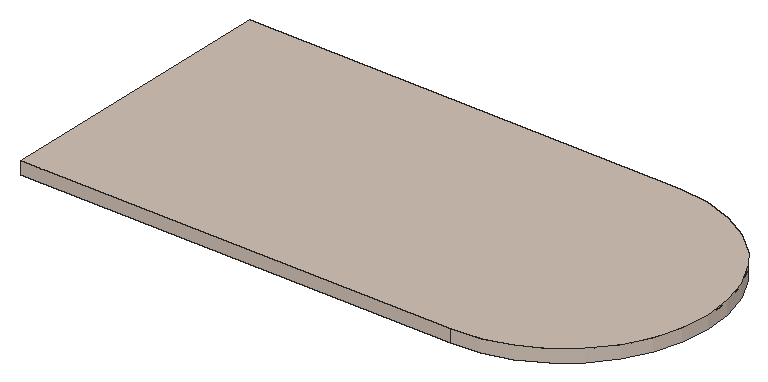
Revit family
Parameters (values of type "Worktop End with Curve")
  Worktop Width = 900 mm
  Worktop Thickness = 40 mm
  Worktop Length [instance] = 1800 mm
  Material Worktop = Laminate - Marble
  Depth = Worktop Width  # 900 mm
  Height = 900 mm
  Width [instance] = Worktop Length  # 1800 mm
  DONT CHANGE Worktop Radius = Worktop Width / 2  # 450 mm
Reference planes
  plane 1 "Back": y = -65.41
  plane 2: z = 0
  plane 3 "Front": y = -965.41
  plane 4 "Left": x = -405.3
  plane 5 "Right": x = 1394.7
  plane 6 "Top": z = 900
  plane 7: x = 944.7
  plane 8: y = -515.41
Forms (mm)
  Extrusion 1, solid, material "Laminate - Marble" <- "Material Worktop"
    sketch origin (0, 0, 900) x (0, -1, 0) y (-1, 0, 0)
      loop
        line (965.41, 405.3) -> (65.41, 405.3) -> (65.41, -944.7)
        arc (65.41, -944.7) -> (515.41, -1394.7) -> (965.41, -944.7) r 450
        line (965.41, -944.7) -> (965.41, 405.3)
    from 0 to 40
Dimensions and locks
  "Worktop Length": plane 5 "Right" to plane 4 "Left"
  "Worktop Width": plane 3 "Front" to plane 1 "Back"
  "Height": level to plane 6 "Top"
  "Worktop Thickness": plane 6 "Top" to Extrusion 1
  equal spacing: plane 3 "Front", plane 8, plane 1 "Back"
  "DONT CHANGE Worktop Radius": plane 7 to plane 5 "Right"
Automatic sketch dimensions
  Extrusion 1 sketch curve to plane 1 "Back" = 0 mm
  Extrusion 1 sketch curve to plane 7 = 0 mm
  Extrusion 1 sketch curve to plane 8 = 0 mm
  Extrusion 1 sketch curve to plane 4 "Left" = 0 mm
